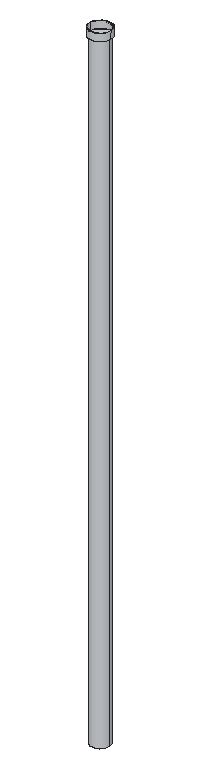
Revit family
Reference planes (in)
  plane 1 "Center (Front/Back)": y = 0
  plane 2: z = 0
  plane 3 "Center (Left/Right)": x = 0
Forms (in)
  Extrusion 1, solid
    sketch origin (0, 0, 0) x (1, 0, 0) y (0, 1, 0)
      loop
        circle (0.0136, -0.05644) r 1.98
    from -0.28534 to 0.95466
  Extrusion 2, solid
    sketch origin (0, 0, 0) x (1, 0, 0) y (0, 1, 0)
      loop
        circle (0, 0) r 1.7
    from 0 to -117.6
  Extrusion 3, void
    sketch origin (0, 0, 0.95466) x (0, 1, 0) y (1, 0, 0)
      loop
        circle (-0.05644, 0.0136) r 1.9
    from 0 to 1.2
Cuts and joins
  Extrusion 3 cuts Extrusion 1
  Extrusion 3 cuts Extrusion 2
Dimensions and locks (in)
  aligned and locked: level to plane 2
Connectors (in)
  piping at (0, 0, -117.6)
    settings: on cut or joined group of Extrusion 2, Extrusion 3, index 2, connector radius 1 1/2", flow factor 0, pipe flow 0 GPM, pressure drop 0.00 psi, fitting loss kfactor 0, connector angle 0.00°, fixture units 0, flow configuration 0, flow direction 0, fitting loss method 0, system type 19, connector reference index -1, connector utility 0, adjustable connector no, is connector primary yes, fitting loss table "", connector description ""
  piping at (0.0136, -0.05644, -0.24534)
    settings: on cut or joined group of Extrusion 1, Extrusion 3, index 3, connector radius 1 115/128", flow factor 0, pipe flow 0 GPM, pressure drop 0.00 psi, fitting loss kfactor 0, connector angle 0.00°, fixture units 0, flow configuration 0, flow direction 0, fitting loss method 0, system type 19, connector reference index -1, connector utility 0, adjustable connector no, is connector primary no, fitting loss table "", connector description ""
